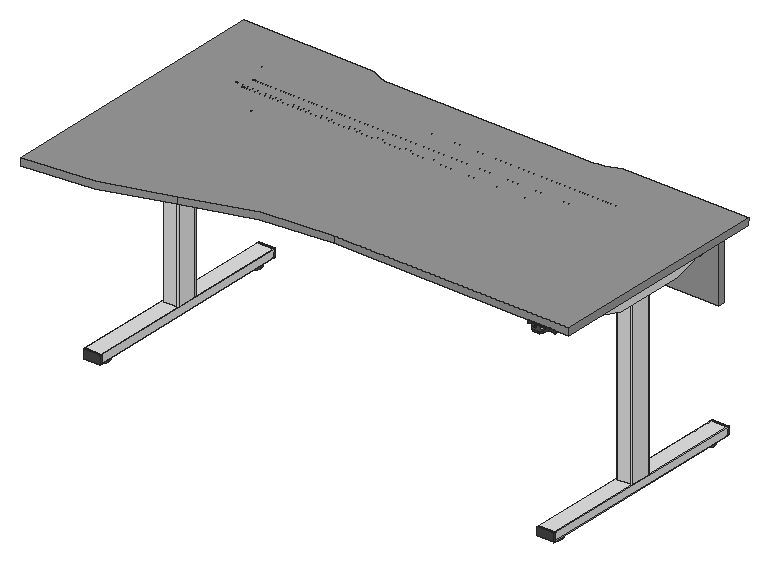
Revit family "Wave Desk with Scallop Top -LH", category Furniture, Revit 2016 (continued)
Definition of nested family "Cable Tray"
  Lines and regions (mm)
    sketch lines
      curve 188: line (-600, 330.808, 613.5) -> (-600, 247.192, 613.5)
      curve 189: arc (-600, 247.192, 613.5) -> (-600, 245.429, 614.073) -> (-600, 244.339, 615.573) r 3
      curve 190: line (-600, 244.339, 615.573) -> (-600, 236.24, 640.5)
      curve 191: line (-600, 333.661, 615.573) -> (-600, 341.76, 640.5)
      curve 192: arc (-600, 330.808, 613.5) -> (-600, 332.571, 614.073) -> (-600, 333.661, 615.573) r 3
      curve 200: line (-700, 330.808, 613.5) -> (-700, 247.192, 613.5)
      curve 201: arc (-700, 247.192, 613.5) -> (-700, 245.429, 614.073) -> (-700, 244.339, 615.573) r 3
      curve 202: line (-700, 244.339, 615.573) -> (-700, 236.24, 640.5)
      curve 203: line (-700, 333.661, 615.573) -> (-700, 341.76, 640.5)
      curve 204: arc (-700, 330.808, 613.5) -> (-700, 332.571, 614.073) -> (-700, 333.661, 615.573) r 3
      curve 212: line (-200, 330.808, 613.5) -> (-200, 247.192, 613.5)
      curve 213: arc (-200, 247.192, 613.5) -> (-200, 245.429, 614.073) -> (-200, 244.339, 615.573) r 3
      curve 214: line (-200, 244.339, 615.573) -> (-200, 236.24, 640.5)
      curve 215: line (-200, 333.661, 615.573) -> (-200, 341.76, 640.5)
      curve 216: arc (-200, 330.808, 613.5) -> (-200, 332.571, 614.073) -> (-200, 333.661, 615.573) r 3
    sketch lines, not visible
      curve 20: line (0, 318.719, 618.385) -> (0, 235.103, 618.385)
      curve 21: arc (0, 235.103, 618.385) -> (0, 233.34, 618.958) -> (0, 232.25, 620.458) r 3
      curve 22: line (0, 232.25, 620.458) -> (0, 224.151, 645.385)
      curve 23: line (0, 321.572, 620.458) -> (0, 329.671, 645.385)
      curve 24: arc (0, 318.719, 618.385) -> (0, 320.482, 618.958) -> (0, 321.572, 620.458) r 3
  Dimensions and locks
    equal spacing: plane 4, plane 3 "Center (Left/Right)", plane 5
    "Width": plane 4 to plane 5
    equal spacing: plane 7, plane 1 "Center (Front/Back)", plane 8
    locked: plane 7 to plane 8 at 800
    locked: plane 2 to plane 9 "Foot" at 15
    "HeightControl": plane 10 to level
    locked: plane 10 to plane 6 "Desktop Underside" at 25
    locked: plane 4 to plane 11 "Cable Tray Left" at 100
    locked: plane 12 "Cable Tray Right" to plane 5 at 100
    equal spacing: curve 3, curve 51, curve 123, curve 63, curve 75, curve 87, curve 99, curve 111, curve 27
    equal spacing: curve 39, curve 195, curve 183, curve 171, curve 159, curve 147, curve 207, curve 135, curve 3
    locked: plane 6 "Desktop Underside" to Extrusion 1 at 61.5
    locked: plane 7 to Extrusion 1 at 53.5
    locked: plane 6 "Desktop Underside" to Sweep 5 at 61.964
    locked: plane 6 "Desktop Underside" to Sweep 18 at 61.964
    locked: plane 6 "Desktop Underside" to Sweep 17 at 61.964
    locked: plane 6 "Desktop Underside" to Sweep 16 at 61.964
    locked: plane 6 "Desktop Underside" to Sweep 15 at 61.964
    locked: plane 6 "Desktop Underside" to Sweep 14 at 61.964
    locked: plane 6 "Desktop Underside" to Sweep 19 at 61.964
    locked: plane 6 "Desktop Underside" to Sweep 13 at 61.964
    locked: plane 6 "Desktop Underside" to Sweep 2 at 61.964
    locked: plane 6 "Desktop Underside" to Sweep 6 at 61.964
    locked: plane 6 "Desktop Underside" to Sweep 12 at 61.964
    locked: plane 6 "Desktop Underside" to Sweep 7 at 61.964
    locked: plane 6 "Desktop Underside" to Sweep 8 at 61.964
    locked: plane 6 "Desktop Underside" to Sweep 9 at 61.964
    locked: plane 6 "Desktop Underside" to Sweep 10 at 61.964
    locked: plane 6 "Desktop Underside" to Sweep 11 at 61.964
    locked: plane 6 "Desktop Underside" to Sweep 4 at 61.964
    locked: plane 7 to Extrusion 20 at 50.5
    locked: Extrusion 20 to plane 12 "Cable Tray Right" at 160
    locked: Extrusion 20 to Extrusion 20 at 25
    locked: Extrusion 21 to Extrusion 21 at 25
    locked: plane 11 "Cable Tray Left" to Extrusion 21 at 160
    aligned and locked: level to plane 2
    aligned and locked: Extrusion 1 to plane 12 "Cable Tray Right"
    aligned and locked: Extrusion 1 to plane 11 "Cable Tray Left"
    aligned and locked: plane 12 "Cable Tray Right" to curve 27
    aligned and locked: curve 39 to plane 11 "Cable Tray Left"
    aligned and locked: plane 6 "Desktop Underside" to Extrusion 20
  Automatic sketch dimensions
    Sweep 2 sketch curve to profile plane = 0 mm  (x2)
    Sweep 3 sketch curve to profile plane = 0 mm  (x2)
    Sweep 4 sketch curve to profile plane = 0 mm  (x2)
    Sweep 5 sketch curve to profile plane = 0 mm  (x2)
    Sweep 6 sketch curve to profile plane = 0 mm  (x2)
    Sweep 7 sketch curve to profile plane = 0 mm  (x2)
    Sweep 8 sketch curve to profile plane = 0 mm  (x2)
    Sweep 9 sketch curve to profile plane = 0 mm  (x2)
    Sweep 10 sketch curve to profile plane = 0 mm  (x2)
    Sweep 11 sketch curve to profile plane = 0 mm  (x2)
    Sweep 12 sketch curve to profile plane = 0 mm  (x2)
    Sweep 13 sketch curve to profile plane = 0 mm  (x2)
    Sweep 14 sketch curve to profile plane = 0 mm  (x2)
    Sweep 15 sketch curve to profile plane = 0 mm  (x2)
    Sweep 16 sketch curve to profile plane = 0 mm  (x2)
    Sweep 17 sketch curve to profile plane = 0 mm  (x2)
    Sweep 18 sketch curve to profile plane = 0 mm  (x2)
    Sweep 19 sketch curve to profile plane = 0 mm  (x2)
    Extrusion 1 sketch curve to plane 6 "Desktop Underside" = 61.5 mm  (x2)
    Extrusion 1 sketch curve to plane 7 = 167 mm
    Extrusion 1 sketch curve to Extrusion 1 sketch curve = 31 mm  (x2)
    Extrusion 1 sketch curve to Extrusion 1 sketch curve = 50 mm
    Extrusion 1 sketch curve to Extrusion 1 sketch curve = 30 mm  (x2)
    Extrusion 20 sketch curve to Extrusion 20 sketch curve = 0 mm  (x11)
    Extrusion 20 sketch curve to plane 6 "Desktop Underside" = 0 mm
    Extrusion 20 sketch curve to plane 6 "Desktop Underside" = 31.5 mm
    Extrusion 20 sketch curve to plane 7 = 171.565 mm
    Extrusion 20 sketch curve to Extrusion 20 sketch curve = 0.065 mm  (x2)
    Extrusion 20 sketch curve to Extrusion 20 sketch curve = 3 mm  (x4)
    Extrusion 20 sketch curve to Extrusion 20 sketch curve = 1.5 mm  (x4)
    Extrusion 20 sketch curve to Extrusion 20 sketch curve = 2.634 mm
    Extrusion 20 sketch curve to Extrusion 20 sketch curve = 0.049 mm  (x2)
    Extrusion 20 sketch curve to Extrusion 20 sketch curve = 39.801 mm
    Extrusion 20 sketch curve to Extrusion 20 sketch curve = 6 mm  (x2)
    Extrusion 20 sketch curve to Extrusion 20 sketch curve = 54.484 mm
    Extrusion 20 sketch curve to plane 6 "Desktop Underside" = 5 mm  (x2)
    Extrusion 20 sketch curve to Extrusion 20 sketch curve = 12 mm
    Extrusion 20 sketch curve to Extrusion 20 sketch curve = 36.451 mm
    Extrusion 20 sketch curve to Extrusion 20 sketch curve = 0.35 mm
    Extrusion 20 sketch curve to Extrusion 20 sketch curve = 0.016 mm
    Extrusion 20 sketch curve to plane 6 "Desktop Underside" = 56.074 mm
    Extrusion 20 sketch curve to Extrusion 20 sketch curve = 20.781 mm
    Extrusion 20 sketch curve to Extrusion 20 sketch curve = 5 mm  (x3)
    Extrusion 20 sketch curve to Extrusion 20 sketch curve = 5.426 mm
    Extrusion 20 sketch curve to Extrusion 20 sketch curve = 81.082 mm
    Extrusion 20 sketch curve to Extrusion 20 sketch curve = 3.312 mm
    Extrusion 20 sketch curve to Extrusion 20 sketch curve = 20.355 mm
    Extrusion 20 sketch curve to Extrusion 20 sketch curve = 2 mm  (x2)
    Extrusion 20 sketch curve to Extrusion 20 sketch curve = 0.293 mm  (x2)
    Extrusion 20 sketch curve to Extrusion 20 sketch curve = 3.101 mm
    Extrusion 20 sketch curve to plane 6 "Desktop Underside" = 8.101 mm
    Extrusion 20 sketch curve to Extrusion 20 sketch curve = 0.033 mm
    Extrusion 20 sketch curve to Extrusion 20 sketch curve = 1.263 mm
    Extrusion 21 sketch curve to Extrusion 21 sketch curve = 0 mm  (x11)
    Extrusion 21 sketch curve to plane 6 "Desktop Underside" = 0 mm
    Extrusion 21 sketch curve to plane 6 "Desktop Underside" = 31.5 mm
    Extrusion 21 sketch curve to plane 7 = 171.565 mm
    Extrusion 21 sketch curve to Extrusion 21 sketch curve = 0.065 mm  (x2)
    Extrusion 21 sketch curve to Extrusion 21 sketch curve = 3 mm  (x4)
    Extrusion 21 sketch curve to Extrusion 21 sketch curve = 1.5 mm  (x4)
    Extrusion 21 sketch curve to Extrusion 21 sketch curve = 2.634 mm
    Extrusion 21 sketch curve to Extrusion 21 sketch curve = 0.049 mm  (x2)
    Extrusion 21 sketch curve to Extrusion 21 sketch curve = 39.801 mm
    Extrusion 21 sketch curve to Extrusion 21 sketch curve = 6 mm  (x2)
    Extrusion 21 sketch curve to Extrusion 21 sketch curve = 54.484 mm
    Extrusion 21 sketch curve to plane 6 "Desktop Underside" = 5 mm  (x2)
    Extrusion 21 sketch curve to Extrusion 21 sketch curve = 12 mm
    Extrusion 21 sketch curve to Extrusion 21 sketch curve = 36.451 mm
    Extrusion 21 sketch curve to Extrusion 21 sketch curve = 0.35 mm
    Extrusion 21 sketch curve to Extrusion 21 sketch curve = 0.016 mm
    Extrusion 21 sketch curve to Extrusion 21 sketch curve = 3.101 mm  (x2)
    Extrusion 21 sketch curve to plane 6 "Desktop Underside" = 24.207 mm
    Extrusion 21 sketch curve to Extrusion 21 sketch curve = 7.293 mm
    Extrusion 21 sketch curve to Extrusion 21 sketch curve = 0.293 mm  (x2)
    Extrusion 21 sketch curve to Extrusion 21 sketch curve = 5 mm  (x3)
    Extrusion 21 sketch curve to Extrusion 21 sketch curve = 2 mm
    Extrusion 21 sketch curve to Extrusion 21 sketch curve = 20.355 mm
    Extrusion 21 sketch curve to Extrusion 21 sketch curve = 20.781 mm
    Extrusion 21 sketch curve to Extrusion 21 sketch curve = 5.426 mm
    Extrusion 21 sketch curve to Extrusion 21 sketch curve = 81.082 mm
    Extrusion 21 sketch curve to Extrusion 21 sketch curve = 3.312 mm
    Extrusion 21 sketch curve to Extrusion 21 sketch curve = 0.033 mm
    Extrusion 21 sketch curve to Extrusion 21 sketch curve = 1.263 mm
    radius of Sweep 2 sketch curve = 1.5 mm
    radius of Sweep 3 sketch curve = 1.5 mm
    radius of Sweep 4 sketch curve = 1.5 mm
    radius of Sweep 5 sketch curve = 1.5 mm
    radius of Sweep 6 sketch curve = 1.5 mm
    radius of Sweep 7 sketch curve = 1.5 mm
    radius of Sweep 8 sketch curve = 1.5 mm
    radius of Sweep 9 sketch curve = 1.5 mm
    radius of Sweep 10 sketch curve = 1.5 mm
    radius of Sweep 11 sketch curve = 1.5 mm
    radius of Sweep 12 sketch curve = 1.5 mm
    radius of Sweep 13 sketch curve = 1.5 mm
    radius of Sweep 14 sketch curve = 1.5 mm
    radius of Sweep 15 sketch curve = 1.5 mm
    radius of Sweep 16 sketch curve = 1.5 mm
    radius of Sweep 17 sketch curve = 1.5 mm
    radius of Sweep 18 sketch curve = 1.5 mm
    radius of Sweep 19 sketch curve = 1.5 mm
    radius of Extrusion 1 sketch curve = 1.5 mm  (x4)
Types (13, lengths in mm): name | Width | Product Code | Modesty Panel Visible | Modesty Panel | Cable Tray Visible | Cable Tray
  (no name) | 1800 | "HDLWL18S" | yes | "BTCPW18" | yes | "MECT18"
  1600 x 800 x 1000 | 1600 | "HDLWL16S" | no | "" | no | ""
  1800 x 800 x 1000 | 1800 | "HDLWL18S" | no | "" | no | ""
  1400 x 800 x 1000 | 1400 | "HDLWL14S" | no | "" | no | ""
  1800 x 800 x 1000 with Modesty Panel & Cable Tray | 1800 | "HDLWL18S" | yes | "BTCPW18" | yes | "MECT18"
  1800 x 800 x 1000 with Modesty Panel | 1800 | "HDLWL18S" | yes | "BTCPW18" | no | ""
  1800 x 800 x 1000 with Cable Tray | 1800 | "HDLWL18S" | no | "" | yes | "MECT18"
  1600 x 800 x 1000 with Modesty Panel | 1600 | "HDLWL16S" | yes | "BTCPW16" | no | ""
  1600 x 800 x 1000 with Modesty Panel & Cable Tray | 1600 | "HDLWL16S" | yes | "BTCPW16" | yes | "MECT16"
  1600 x 800 x 1000 with Cable Tray | 1600 | "HDLWL16S" | no | "" | yes | "MECT16"
  1400 x 800 x 1000 with Modesty Panel & Cable Tray | 1400 | "HDLWL14S" | yes | "BTCPW14" | yes | "MECT14"
  1400 x 800 x 1000 with Modesty Panel | 1400 | "HDLWL14S" | yes | "BTCPW14" | no | ""
  1400 x 800 x 1000 with Cable Tray | 1400 | "HDLWL14S" | no | "" | yes | "MECT14"
